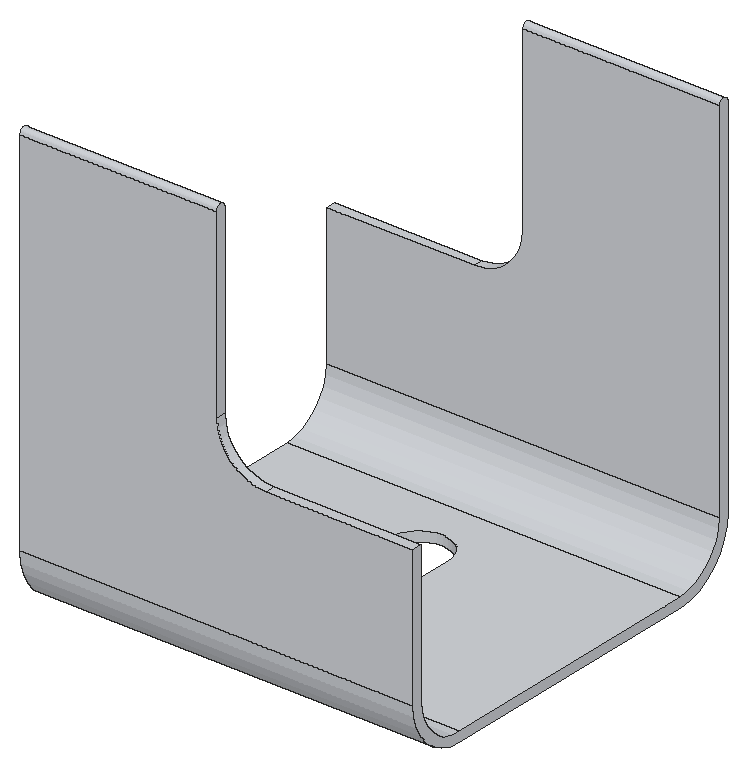
Revit family "FRC25", category Generic Models, Revit 2017
Family settings
  Can host rebar = No
  Round Connector Dimension = Use Diameter
  Part Type = Normal
  Work Plane-Based = Yes
  Always vertical = No
  Cut with Voids When Loaded = No
  Shared = No
  Room Calculation Point = No
Parameters (values of type "NBS Standard Parameters")
  Weight = "0.004Kg"
  WarrantyStartDate [instance] = "1900-12-31T23:59:59"
  WarrantyGuarantorParts = "n/a"
  WarrantyGuarantorLabor = "n/a"
  WarrantyDurationUnit = "1 year"
  WarrantyDurationParts = "n/a"
  WarrantyDurationLabor = "n/a"
  WarrantyDescription = "n/a"
  Version = "1"
  Uniclass2 = "Pr_20_29_14_86"
  TagNumber [instance] = "n/a"
  SustainabilityPerformance = "n/a"
  Size = "25mm"
  Shape = "n/a"
  SerialNumber [instance] = "n/a"
  Revision = "n/a"
  ReplacementCost = "n/a"
  ProductInformation = "www.metpro.co.uk/pdf/frc25.pdf"
  NominalWidth = 20 mm
  NominalLength = 20 mm
  NominalHeight = 24 mm
  Name = ""
  NBSTypeID = ""
  NBSReference = "45-50-17/410"
  NBSOfficeMasterTag = ""
  NBSNote = ""
  NBSDescription = "Steel Clips"
  NBSCertification = ""
  ModelReference = "FRC25"
  ModelNumber = "n/a"
  Material = "Steel"
  ManufacturerURL = "www.metpro.co.uk"
  ManufacturerName = "Metpro Ltd"
  Keynote = "Fully Compliant to Amendment 3 BS7671"
  InstallationDate [instance] = "1900-12-31T23:59:59"
  IfcExportType = ""
  IfcExportAs = ""
  Grade = "n/a"
  Finish = "Pre Galvanised"
  Features = "n/a"
  ExpectedLife = "n/a"
  DurationUnit = "year"
  Description = "FRC25 - Fire Resistant Clip"
  Default Elevation = 1219.2 mm
  Constituents = "n/a"
  Color = "n/a"
  CodePerformance = "n/a"
  Category = "n/a"
  BarCode [instance] = "n/a"
  BIMObjectName = "Metpro_metprolibrary_Steelclips_cableclips_firerestant"
  Author = "Metpro limited"
  AssetType = ""
  AssetIdentifier [instance] = "n/a"
  AccessibilityPerformance = "n/a"
Reference planes
  plane 1 "Center (Front/Back)": y = 0
  plane 2: z = 0
  plane 3 "Center (Left/Right)": x = 0
Forms (mm)
  Extrusion 1, solid
    sketch origin (2.888, -22.194, 21.475) x (0, 0, -1) y (0, 1, 0)
      loop
        line (2.363, 22.694) -> (21.363, 22.694)
        arc (21.363, 22.694) -> (23.484, 23.573) -> (24.363, 25.694) r 3
        line (24.363, 25.694) -> (24.363, 39.694)
        arc (24.363, 39.694) -> (23.484, 41.816) -> (21.363, 42.694) r 3
        line (21.363, 42.694) -> (2.586, 42.694)
        arc (2.586, 42.694) -> (2.336, 42.444) -> (2.586, 42.194) r 0.25
        line (2.586, 42.194) -> (21.363, 42.194)
        arc (21.363, 42.194) -> (23.13, 41.462) -> (23.863, 39.694) r 2.5
        line (23.863, 39.694) -> (23.863, 25.694)
        arc (23.863, 25.694) -> (23.13, 23.927) -> (21.363, 23.194) r 2.5
        line (21.363, 23.194) -> (2.363, 23.194)
        arc (2.363, 23.194) -> (2.113, 22.944) -> (2.363, 22.694) r 0.25
    from 0 to 20
  Extrusion 2, void
    sketch origin (2.888, 1, 17.112) x (0, 0, 1) y (-1, 0, 0)
      loop
        line (5.112, -20) -> (5.112, -10) -> (-7.388, -10)
        arc (-7.388, -10) -> (-9.156, -10.732) -> (-9.888, -12.5) r 2.5
        line (-9.888, -12.5) -> (-9.888, -20) -> (5.112, -20)
    from 0 to 1
  Extrusion 3, void
    sketch origin (2.888, 20.5, -2.888) x (0, 0, -1) y (1, 0, 0)
      loop
        line (-12.612, 10) -> (-24.135, 10) -> (-24.135, 0) -> (-10.112, 0) -> (-10.112, 7.5)
        arc (-10.112, 7.5) -> (-10.844, 9.268) -> (-12.612, 10) r 2.5
    from 0 to 1
  Extrusion 4, void
    sketch origin (2.888, 0.5, -2.888) x (0, -1, 0) y (1, 0, 0)
      loop
        line (-10.974, 11) -> (-13.5, 11)
        arc (-13.5, 11) -> (-15, 9.5) -> (-13.5, 8) r 1.5
        line (-13.5, 8) -> (-11.848, 8) -> (-11.848, -0.664) -> (-8.832, -0.664) -> (-8.832, 8.857)
        arc (-8.832, 8.857) -> (-9.459, 10.372) -> (-10.974, 11) r 2.143
    from 0 to 4.917
Cuts and joins
  Extrusion 2, Extrusion 3, Extrusion 4 cuts Extrusion 1
Dimensions and locks
  aligned and locked: level to plane 2
